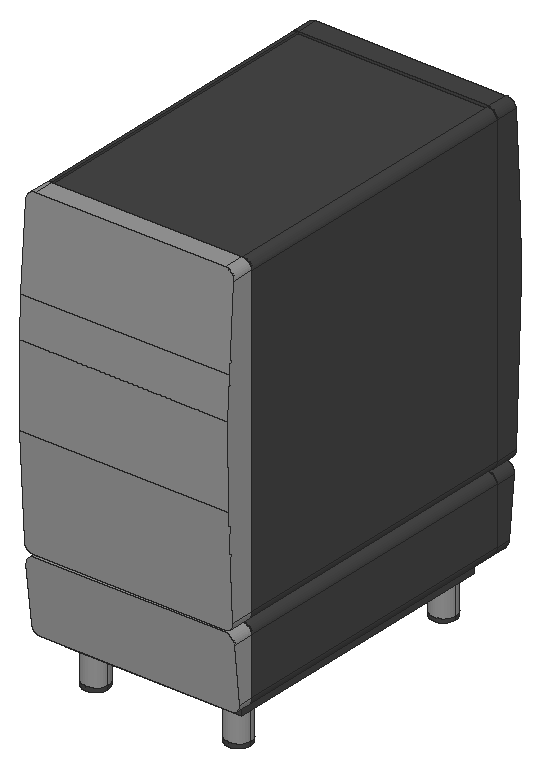
Revit family "Franke_Refrigeration_side_unit_SU05_EC-A600_MS_EC_A600_FM_EC_A800_FM_EC(JP)", category Specialty Equipment, Revit 2015
Parameters (values of type "Refrigeration side unit SU05 EC-A600 MS EC,A600 FM EC,A800 FM EC(100V/anthracite/JP)")
  URL = "https://www.franke.com/main/en/cs/products/product-search.html"
  Depth (mm) = 475 mm
  Temperature range = "+ 3° C to +8° C"
  Volts min. = 100 V
  Volts max. = 0 V
  Max Overcurrent Protection = "-"
  Cycle Alternative = 60 Hz
  Cycle = 50 Hz
  Model = "410873 - Refrigeration side unit SU05 EC - A600 MS EC, A600 FM EC, A800 FM EC"
  Milk storage = "5 l"
  Current consumption = 1.65 A
  Cost = 0
  Height (mm) = 585 mm
  Manufacturer = "Franke"
  Energy loss acc. to DIN 18873 = "0.638 kWh/24 h - 230 V"
  Width (mm) = 270 mm
  Description = "Refrigeration side unit SU05 for storage of cooled milk"
  Assembly Code = "Refrigeration side unit SU05"
  Keynote = "Refrigeration side unit SU05"
  Weight = "18 kg"
  Number of Poles = 1
  Number of Protective Conductors = "1"
  Number of Nutral Conductors = "1"
  Frontcover = Franke Anthracite
Types (3, lengths in mm): name | Frontcover
  (no name) | Franke Anthracite
  Refrigeration side unit SU05 EC-A600 MS EC,A600 FM EC,A800 FM EC(100V/black line/JP) | Franke Black
  Refrigeration side unit SU05 EC-A600 MS EC,A600 FM EC,A800 FM EC(100V/anthracite/JP) | Franke Anthracite
Reference planes
  plane 1 "Mitte (Vorne/Hinten)": y = 0
  plane 2: z = 0
  plane 3 "Mitte (Links/Rechts)": x = 0
Forms (mm)
  Extrusion 1, solid, material "Franke Black"
    sketch origin (0, 0, 0) x (1, 0, 0) y (0, 0, 1)
      loop
        line (123, 586) -> (-123, 586)
        arc (-123, 586) -> (-131.485, 582.485) -> (-135, 574) r 12
        line (-135, 574) -> (-135, 178)
        arc (-135, 178) -> (-131.485, 169.515) -> (-123, 166) r 12
        line (-123, 166) -> (123, 166)
        arc (123, 166) -> (131.485, 169.515) -> (135, 178) r 12
        line (135, 178) -> (135, 574)
        arc (135, 574) -> (131.485, 582.485) -> (123, 586) r 12
      loop
        arc (-135, 78) -> (-131.485, 69.515) -> (-123, 66) r 12
        line (-123, 66) -> (123, 66)
        arc (123, 66) -> (131.485, 69.515) -> (135, 78) r 12
        line (135, 78) -> (135, 151)
        arc (135, 151) -> (131.485, 159.485) -> (123, 163) r 12
        line (123, 163) -> (-123, 163)
        arc (-123, 163) -> (-131.485, 159.485) -> (-135, 151) r 12
        line (-135, 151) -> (-135, 78)
    from -198.03 to 198.03
  Extrusion 2, solid, material "Franke Black"
    sketch origin (0, 0, 0) x (1, 0, 0) y (0, 0, 1)
      loop
        line (-114, 66) -> (-114, 46) -> (114, 46) -> (114, 66) -> (-114, 66)
    from -186.97 to 188.03
  Extrusion 3, solid, material "Franke Anthracite" <- "Frontcover"
    sketch origin (0, 0, 0) x (0, 1, 0) y (0, 0, 1)
      loop
        line (-199.53, 586) -> (-226.03, 586)
        arc (-226.03, 586) -> (-230.318, 527.256) -> (-234.387, 468.497) r 15843.742
        arc (-234.387, 468.497) -> (-235.812, 442.176) -> (-236.543, 415.826) r 1000
        arc (-236.543, 415.826) -> (-236.783, 362.852) -> (-235.96, 309.883) r 2640.505
        arc (-235.96, 309.883) -> (-232.928, 237.872) -> (-227.52, 166) r 2182.336
        line (-227.52, 166) -> (-199.53, 166) -> (-199.53, 586)
      loop
        arc (-227.242, 163) -> (-222.173, 114.438) -> (-216.03, 66) r 2207.212
        line (-216.03, 66) -> (-199.53, 66) -> (-199.53, 163) -> (-227.242, 163)
    from -135 to 135
  Extrusion 4, solid, material "Franke Black"
    sketch origin (0, 0, 0) x (1, 0, 0) y (0, 0, 1)
      loop
        line (-120, 576) -> (-120, 66) -> (120, 66) -> (120, 576) -> (-120, 576)
    from 198.03 to 199.53
  Extrusion 5, solid, material "Franke Black"
    sketch origin (0, 397.56, 0) x (1, 0, 0) y (0, 0, 1)
      loop
        line (-120, 576) -> (-120, 66) -> (120, 66) -> (120, 576) -> (-120, 576)
    from 198.03 to 199.53
  Extrusion 6, solid, material "Franke Black"
    sketch origin (0, 0, 0) x (1, 0, 0) y (0, 1, 0)
      loop
        line (-107.375, 116.841) -> (-107.375, 95.391) -> (-90.625, 95.391) -> (-90.625, 116.841) -> (-107.375, 116.841)
      loop
        line (-107.375, -98.159) -> (-107.375, -119.609) -> (-90.625, -119.609) -> (-90.625, -98.159) -> (-107.375, -98.159)
      loop
        line (107.375, 116.841) -> (90.625, 116.841) -> (90.625, 95.391) -> (107.375, 95.391) -> (107.375, 116.841)
      loop
        line (107.375, -98.159) -> (90.625, -98.159) -> (90.625, -119.609) -> (107.375, -119.609) -> (107.375, -98.159)
    from 42 to 46
  Extrusion 7, solid, material "Franke Black"
    sketch origin (0, 0, 0) x (0, 1, 0) y (0, 0, 1)
      loop
        line (228.03, 586) -> (199.53, 586) -> (199.53, 166) -> (227.909, 166)
        arc (227.909, 166) -> (234.785, 268.409) -> (237.114, 371.022) r 2314.482
        arc (237.114, 371.022) -> (237.115, 384.228) -> (237.104, 397.434) r 15169.055
        arc (237.104, 397.434) -> (236.381, 442.975) -> (234.325, 488.477) r 1555
        arc (234.325, 488.477) -> (231.291, 537.246) -> (228.03, 586) r 10528.092
      loop
        line (199.53, 66) -> (216.03, 66)
        arc (216.03, 66) -> (222.776, 114.386) -> (227.62, 163) r 1246.054
        line (227.62, 163) -> (199.53, 163) -> (199.53, 66)
    from -135 to 135
  Extrusion 8, void
    sketch origin (0, 0, 0) x (1, 0, 0) y (0, 0, 1)
      loop
        line (-123, 586) -> (-123, 596) -> (-145, 596) -> (-145, 574) -> (-135, 574)
        arc (-135, 574) -> (-131.485, 582.485) -> (-123, 586) r 12
      loop
        arc (123, 586) -> (131.485, 582.485) -> (135, 574) r 12
        line (135, 574) -> (145, 574) -> (145, 596) -> (123, 596) -> (123, 586)
      loop
        arc (-123, 166) -> (-131.485, 169.515) -> (-135, 178) r 12
        line (-135, 178) -> (-145, 178) -> (-145, 151) -> (-135, 151)
        arc (-135, 151) -> (-131.485, 159.485) -> (-123, 163) r 12
        line (-123, 163) -> (-123, 166)
      loop
        line (123, 66) -> (123, 56) -> (145, 56) -> (145, 78) -> (135, 78)
        arc (135, 78) -> (131.485, 69.515) -> (123, 66) r 12
      loop
        arc (-123, 66) -> (-131.485, 69.515) -> (-135, 78) r 12
        line (-135, 78) -> (-145, 78) -> (-145, 56) -> (-123, 56) -> (-123, 66)
      loop
        line (123, 166) -> (123, 163)
        arc (123, 163) -> (131.485, 159.485) -> (135, 151) r 12
        line (135, 151) -> (145, 151) -> (145, 178) -> (135, 178)
        arc (135, 178) -> (131.485, 169.515) -> (123, 166) r 12
    from -299.15 to 303.805
  Extrusion 9, solid, material "Franke Chrome"
    sketch origin (0, 0, 0) x (1, 0, 0) y (0, 1, 0)
      loop
        circle (-92.5, 165.116) r 16
      loop
        circle (-92.5, -166.823) r 16
      loop
        circle (92.5, 165.116) r 16
      loop
        circle (92.5, -166.823) r 16
    from 5 to 46
  Extrusion 10, solid, material "Franke Chrome"
    sketch origin (0, 0, 42) x (1, 0, 0) y (0, 1, 0)
      loop
        circle (0, 157.898) r 2.5
    from 0 to 4
  Extrusion 11, solid, material "Franke Black"
    sketch origin (0, 0, 0) x (0, -1, 0) y (1, 0, 0)
      loop
        circle (-165.116, -92.5) r 16
      loop
        circle (166.823, -92.5) r 16
      loop
        circle (-165.116, 92.5) r 16
      loop
        circle (166.823, 92.5) r 16
    from 0 to 5
  Extrusion 12, void
    sketch origin (-1311.638, -464.12, 0) x (1, 0, 0) y (0, 1, 0)
      loop
        line (1188.638, 262.562) -> (1434.638, 262.562) -> (1434.638, 666.304) -> (1188.638, 666.304) -> (1188.638, 262.562)
    from 584 to 662.067
Cuts and joins
  Extrusion 8 cuts Extrusion 7
  Extrusion 8 cuts Extrusion 3
  Extrusion 12 cuts Extrusion 1
Dimensions and locks
  aligned and locked: level to plane 2
Connectors
  electrical at (0, 157.898, 42), driven by "Number of Poles", driven by "Volts max."
    settings: on Extrusion 10, index 2, voltage 0 V, apparent load 0 VA, apparent load phase1 0 VA, apparent load phase2 0 VA, apparent load phase3 0 VA, power factor 1, load classification "Strom", number of poles 1, system type 31, power factor state 1, is connector primary yes, connector utility no, sub classification motor no, connector description ""
